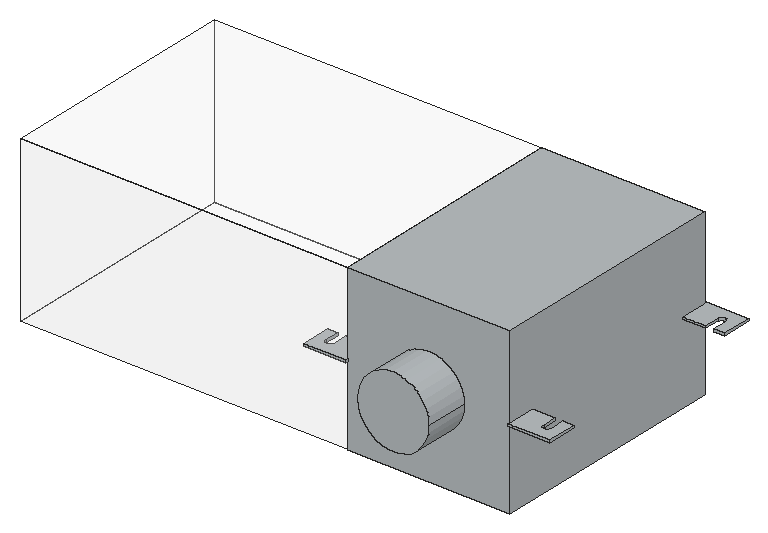
Revit family "1_天吊埋込タイプ 標準 単相100V_3相200V-60", category 機械設備, Revit 2019
Family settings
  丸型コネクタ寸法 = 直径を使用
  パーツ タイプ = 割り込み
  OmniClass 番号 = 23.75.35.17.27
  OmniClass タイトル = Centrifugal Fans
  作業面ベース = いいえ
  常に垂直 = はい
  ロード時にボイドで切り取り = いいえ
  共有 = いいえ
  部屋計算ポイント = はい
Parameters (values of type "BFS-15SG")
  騒音レベル(dB(A))_吸込 = 30
  騒音レベル(dB(A))_吐出 = 34
  騒音レベル(dB(A))_側面 = 20
  騒音レベル(dB(A)) = 34
  風量 [instance] = 設計風量  # 0.0 m³/h
  電源種別 [instance] = "一般"
  電圧 = 100 V
  電動機出力 = 8 W
  電動機_種別 [instance] = ""
  運転質量 = 0.00 kg
  連動 [instance] = ""
  質量 = if(製品質量 > 運転質量, 製品質量, 運転質量) * 1.2  # 7.20 kg
  負荷分類 = 3_ファン類
  説明 = "ストレートシロッコファン天吊埋込タイプ（標準形）"
  設計風量 [instance] = 0.0 m³/h
  設置方法 = "天吊"
  記号 [instance] = ""
  製造元 = "三菱電機株式会社"
  製品質量 = 6.00 kg
  製品出荷対象 = "国内"
  製品リリース年月 = "2018年4月23日"
  製品グループ = ""
  系統 [instance] = ""
  符号 [instance] = if(☑給気／□排気, "FS", "FE")  # "FE"
  積算_科目 = "2 換気設備"
  積算_拾い区分 [instance] = ""
  相 = 1
  盤記号 [instance] = ""
  盤工事区分 = "電気工事"
  発停方法 [instance] = "別売スイッチ"
  番手 = "#1"
  特殊仕様 [instance] = ""
  火災停止 = ""
  消費電力 = 23.5 W
  法定耐用年数 = "15"
  機外静圧 [instance] = 0.0 Pa
  極数 = 2
  極 = 4
  材質 [instance] = ""
  本体マテリアル = 溶融亜鉛めっき鋼板
  操作・制御方式 = ""
  操作・制御スイッチ = ""
  排気量 [instance] = if(☑給気／□排気, 0.0 m³/h, 設計風量)  # 0.0 m³/h
  形式 = ""
  形名 = BFS-SG : BFS-15SG
  幹線記号 [instance] = ""
  対象室 [instance] = ""
  実風量 = 0.0 m³/h
  始動方式 [instance] = "直入"
  外気量 [instance] = if(☑給気／□排気, 設計風量, 0.0 m³/h)  # 0.0 m³/h
  呼称 = "消音ボックス付送風機"
  周波数 = 60 Hz
  天吊金具ピッチ幅 = 299 mm
  天吊金具ピッチ奥行 = 300 mm
  参照している仕様書等のバージョン = ""
  分類コード = "50052502100020"
  分類グループ = ""
  価格 = 30900
  企業コード = "108420"
  付属品_防振装置 = ""
  付属品 [instance] = ""
  仕様書バージョン = "Version1.0"
  モデル = "BFS-15SG"
  ファンの種類 = "多翼形"
  ダクト径 = 100 mm
  サービススペース = yes
  コメント [instance] = ""
  Keynote = ""
  ☑給気／□排気 [instance] = no
  Width = 223 mm
  Version = ""
  Uniclass2015Version = "Systems v1.9"
  Uniclass2015Title = "Centrifugal fans"
  Uniclass2015Code = "Pr_65_67_29_12"
  URL = "https://www.mitsubishielectric.co.jp/ldg/wink/ssl/displayProduct.do?pid=292977"
  SpecificationReference = ""
  SpecificationDescription = ""
  Revision = ""
  ProductInformation = ""
  OmniClassCode = "23-33 31 19 13 15"
  MIN風量 = 96.0 m³/h
  MIN静圧 = 26.0 Pa
  MID風量 = 0.0 m³/h
  MID静圧 = 0.0 Pa
  MAX風量 = 150.0 m³/h
  MAX静圧 = 39.0 Pa
  M = 100 mm
  IfcTypeProduct = ""
  IfcProduct = ""
  IfcExportType = "CENTRIFUGALFORWARDCURVED"
  IfcExportAs = "IfcFanType"
  Height = 225 mm
  Depth = 335 mm
  Clearance Top = 0 mm  # constant formula
  Clearance Right = 0 mm  # constant formula
  Clearance Left = 450 mm  # constant formula
  Clearance Front = 0 mm  # constant formula
  Clearance Bottom = 0 mm  # constant formula
  Clearance Back = 0 mm  # constant formula
  Author = "三菱電機株式会社"
Types (18, lengths in mm): name | 騒音レベル(dB(A))_吸込 | 騒音レベル(dB(A))_吐出 | 騒音レベル(dB(A))_側面 | 騒音レベル(dB(A)) | 電圧 | 電動機出力 | 質量 | 製品質量 | 製品リリース年月 | 相 | 番手 | 消費電力 | 極数 | 形名 | 天吊金具ピッチ幅 | 天吊金具ピッチ奥行 | 参照している仕様書等のバージョン | 価格 | モデル | ダクト径 | Width | URL | MIN風量 | MIN静圧 | MAX風量 | MAX静圧 | M | Height | Depth
  BFS-15SG | 30 | 34 | 20 | 34 | 100 V | 8 W | 7.20 kg | 6.00 kg | "2018年4月23日" | 1 | "#1" | 23.5 W | 2 | BFS-SG : BFS-15SG | 299 | 300 | "" | 30900 | "BFS-15SG" | 100 | 223 | "https://www.mitsubishielectric.co.jp/ldg/wink/ssl/displayProduct.do?pid=292977" | 96.0 m³/h | 26.0 Pa | 150.0 m³/h | 39.0 Pa | 100 | 225 | 335
  BFS-30SG | 36 | 40 | 23.5 | 40 | 100 V | 16 W | 7.20 kg | 6.00 kg | "2018年4月23日" | 1 | "#1" | 43.5 W | 2 | BFS-SG : BFS-30SG | 299 | 300 | "" | 44700 | "BFS-30SG" | 150 | 223 | "https://www.mitsubishielectric.co.jp/ldg/wink/ssl/displayProduct.do?pid=292983" | 182.0 m³/h | 15.0 Pa | 300.0 m³/h | 39.0 Pa | 100 | 225 | 335
  BFS-40SG | 38 | 44 | 27 | 44 | 100 V | 25 W | 9.60 kg | 8.00 kg | "2018年4月23日" | 1 | "#1 1/4" | 66 W | 2 | BFS-SG : BFS-40SG | 331 | 353 | "" | 52800 | "BFS-40SG" | 150 | 255 | "https://www.mitsubishielectric.co.jp/ldg/wink/ssl/displayProduct.do?pid=292985" | 273.0 m³/h | 30.0 Pa | 400.0 m³/h | 59.0 Pa | 100 | 255 | 388
  BFS-50SG | 37.5 | 49 | 25.5 | 49 | 100 V | 45 W | 12.60 kg | 10.50 kg | "2018年4月23日" | 1 | "#1 1/4" | 87.5 W | 2 | BFS-SG : BFS-50SG | 401 | 388 | "公共建築工事標準仕様書（機械設備工事編）平成31年度版" | 74800 | "BFS-50SG" | 200 | 325 | "https://www.mitsubishielectric.co.jp/ldg/wink/ssl/displayProduct.do?pid=292987" | 380.0 m³/h | 100.0 Pa | 500.0 m³/h | 130.0 Pa | 100 | 255 | 423
  BFS-65SG | 38 | 51 | 29 | 51 | 100 V | 65 W | 15.60 kg | 13.00 kg | "2018年4月23日" | 1 | "#1 1/4" | 126 W | 2 | BFS-SG : BFS-65SG | 449 | 453 | "公共建築工事標準仕様書（機械設備工事編）平成31年度版" | 79400 | "BFS-65SG" | 200 | 373 | "https://www.mitsubishielectric.co.jp/ldg/wink/ssl/displayProduct.do?pid=292989" | 498.0 m³/h | 91.0 Pa | 650.0 m³/h | 118.0 Pa | 100 | 305 | 488
  BFS-80SG | 39.5 | 53 | 30.5 | 53 | 100 V | 80 W | 16.20 kg | 13.50 kg | "2018年4月23日" | 1 | "#1 1/4" | 155 W | 2 | BFS-SG : BFS-80SG | 449 | 453 | "公共建築工事標準仕様書（機械設備工事編）平成31年度版" | 83900 | "BFS-80SG" | 200 | 373 | "https://www.mitsubishielectric.co.jp/ldg/wink/ssl/displayProduct.do?pid=292991" | 600.0 m³/h | 88.0 Pa | 800.0 m³/h | 98.0 Pa | 100 | 305 | 488
  BFS-90SG | 41 | 55 | 32 | 55 | 100 V | 110 W | 18.60 kg | 15.50 kg | "2018年4月23日" | 1 | "#1 1/2" | 205 W | 2 | BFS-SG : BFS-90SG | 469 | 453 | "公共建築工事標準仕様書（機械設備工事編）平成31年度版" | 88500 | "BFS-90SG" | 200 | 393 | "https://www.mitsubishielectric.co.jp/ldg/wink/ssl/displayProduct.do?pid=292995" | 684.0 m³/h | 110.0 Pa | 900.0 m³/h | 128.0 Pa | 100 | 305 | 488
  BFS-100SG | 43 | 58 | 34.5 | 58 | 100 V | 160 W | 19.20 kg | 16.00 kg | "2018年4月23日" | 1 | "#1 1/2" | 247 W | 2 | BFS-SG : BFS-100SG | 469 | 453 | "公共建築工事標準仕様書（機械設備工事編）平成31年度版" | 93600 | "BFS-100SG" | 200 | 393 | "https://www.mitsubishielectric.co.jp/ldg/wink/ssl/displayProduct.do?pid=292965" | 865.0 m³/h | 187.0 Pa | 1000.0 m³/h | 145.0 Pa | 100 | 305 | 488
  BFS-120SG | 46.5 | 59 | 34.5 | 59 | 100 V | 200 W | 23.40 kg | 19.50 kg | "2018年4月23日" | 1 | "#1 1/2" | 352 W | 2 | BFS-SG : BFS-120SG | 467 | 555 | "公共建築工事標準仕様書（機械設備工事編）平成31年度版" | 102100 | "BFS-120SG" | 250 | 391 | "https://www.mitsubishielectric.co.jp/ldg/wink/ssl/displayProduct.do?pid=292969" | 1030.0 m³/h | 195.0 Pa | 1200.0 m³/h | 220.0 Pa | 100 | 350 | 590
  BFS-150SG | 50 | 63 | 37.5 | 63 | 100 V | 340 W | 23.40 kg | 19.50 kg | "2018年4月23日" | 1 | "#1 1/2" | 498 W | 2 | BFS-SG : BFS-150SG | 467 | 555 | "公共建築工事標準仕様書（機械設備工事編）平成31年度版" | 108200 | "BFS-150SG" | 250 | 391 | "https://www.mitsubishielectric.co.jp/ldg/wink/ssl/displayProduct.do?pid=292973" | 1243.0 m³/h | 184.0 Pa | 1500.0 m³/h | 180.0 Pa | 100 | 350 | 590
  BFS-180TG | 50 | 64 | 38.5 | 64 | 200 V | 360 W | 27.00 kg | 22.50 kg | "2018年4月23日" | 3 | "#1 1/2" | 573 W | 3 | BFS-TG : BFS-180TG | 552 | 610 | "公共建築工事標準仕様書（機械設備工事編）平成31年度版" | 123900 | "BFS-180TG" | 250 | 476 | "https://www.mitsubishielectric.co.jp/ldg/wink/ssl/displayProduct.do?pid=292979" | 0.0 m³/h | 0.0 Pa | 1800.0 m³/h | 167.0 Pa | 85 | 350 | 645
  BFS-210TG | 52.5 | 67 | 40 | 67 | 200 V | 490 W | 27.00 kg | 22.50 kg | "2018年4月23日" | 3 | "#1 1/2" | 665 W | 3 | BFS-TG : BFS-210TG | 552 | 610 | "公共建築工事標準仕様書（機械設備工事編）平成31年度版" | 176400 | "BFS-210TG" | 300 | 476 | "https://www.mitsubishielectric.co.jp/ldg/wink/ssl/displayProduct.do?pid=292981" | 0.0 m³/h | 0.0 Pa | 2100.0 m³/h | 191.0 Pa | 100 | 350 | 645
  BFS-240TA | 51.5 | 69 | 42.5 | 69 | 200 V | 1100 W | 39.60 kg | 33.00 kg | "2003年4月" | 3 | "#1 1/2" | 810 W | 3 | BFS-TG : BFS-240TA | 602 | 664 | "公共建築工事標準仕様書（機械設備工事編）平成31年度版" | 182000 | "BFS-240TA" | 300 | 493 | "https://www.mitsubishielectric.co.jp/ldg/wink/ssl/displayProduct.do?pid=41986" | 0.0 m³/h | 0.0 Pa | 2400.0 m³/h | 220.0 Pa | 100 | 373 | 717
  BFS-80TG | 40 | 53 | 31.5 | 53 | 200 V | 80 W | 18.00 kg | 15.00 kg | "2018年4月23日" | 3 | "#1 1/4" | 148 W | 3 | BFS-TG : BFS-80TG | 449 | 453 | "公共建築工事標準仕様書（機械設備工事編）平成31年度版" | 83900 | "BFS-80TG" | 200 | 373 | "https://www.mitsubishielectric.co.jp/ldg/wink/ssl/displayProduct.do?pid=292993" | 550.0 m³/h | 73.0 Pa | 800.0 m³/h | 98.0 Pa | 85 | 305 | 488
  BFS-90TG | 41 | 55 | 34 | 55 | 200 V | 100 W | 18.60 kg | 15.50 kg | "2018年4月23日" | 3 | "#1 1/2" | 194 W | 3 | BFS-TG : BFS-90TG | 469 | 453 | "公共建築工事標準仕様書（機械設備工事編）平成31年度版" | 88500 | "BFS-90TG" | 200 | 393 | "https://www.mitsubishielectric.co.jp/ldg/wink/ssl/displayProduct.do?pid=292964" | 640.0 m³/h | 96.0 Pa | 900.0 m³/h | 128.0 Pa | 85 | 305 | 488
  BFS-100TG | 43 | 58 | 34 | 58 | 200 V | 150 W | 18.60 kg | 15.50 kg | "2018年4月23日" | 3 | "#1 1/2" | 237 W | 3 | BFS-TG : BFS-100TG | 469 | 453 | "公共建築工事標準仕様書（機械設備工事編）平成31年度版" | 93600 | "BFS-100TG" | 200 | 393 | "https://www.mitsubishielectric.co.jp/ldg/wink/ssl/displayProduct.do?pid=292967" | 678.0 m³/h | 115.0 Pa | 1000.0 m³/h | 145.0 Pa | 85 | 305 | 488
  BFS-120TG | 46.5 | 58 | 35.5 | 58 | 200 V | 180 W | 23.40 kg | 19.50 kg | "2018年4月23日" | 3 | "#1 1/2" | 342 W | 3 | BFS-TG : BFS-120TG | 467 | 555 | "公共建築工事標準仕様書（機械設備工事編）平成31年度版" | 102100 | "BFS-120TG" | 250 | 391 | "https://www.mitsubishielectric.co.jp/ldg/wink/ssl/displayProduct.do?pid=292971" | 821.0 m³/h | 121.0 Pa | 1200.0 m³/h | 220.0 Pa | 85 | 350 | 590
  BFS-150TG | 50 | 63 | 37.5 | 63 | 200 V | 280 W | 24.00 kg | 20.00 kg | "2018年4月23日" | 3 | "#1 1/2" | 440 W | 3 | BFS-TG : BFS-150TG | 467 | 555 | "公共建築工事標準仕様書（機械設備工事編）平成31年度版" | 108200 | "BFS-150TG" | 250 | 391 | "https://www.mitsubishielectric.co.jp/ldg/wink/ssl/displayProduct.do?pid=292975" | 1057.0 m³/h | 132.0 Pa | 1500.0 m³/h | 180.0 Pa | 85 | 350 | 590
Reference planes
  plane 1 "中心(正面/背面)": y = 0
  plane 2: z = 0
  plane 3 "中心(左/右)": x = -50
  plane 4 "左": x = -161.5
  plane 5 "右": x = 61.5
  plane 6 "背面": y = 167.5
  plane 7 "正面": y = -167.5
  plane 8: z = 112.5
  plane 9: y = 150
  plane 10: y = -150
  plane 11: x = 99.5
  plane 12: x = -199.5
  plane 13: z = -112.5
  plane 14: y = 167.5
  plane 15: y = -167.5
  plane 16: x = 61.5
  plane 17: x = -611.5
  plane 18: z = 112.5
  plane 19: z = -112.5
Dimensions and locks
  "Width": plane 4 "左" to plane 5 "右"
  equal spacing: plane 7 "正面", plane 1 "中心(正面/背面)", plane 6 "背面"
  "Depth": plane 7 "正面" to plane 6 "背面"
  equal spacing: plane 8, level, plane 13
  "Height": plane 8 to plane 13
  "Clearance Top": plane 18 to plane 8
  "Clearance Bottom": plane 13 to plane 19
  "Clearance Back": plane 6 "背面" to plane 14
  "Clearance Front": plane 15 to plane 7 "正面"
  "Clearance Left": plane 17 to plane 4 "左"
  "Clearance Right": plane 5 "右" to plane 16
  "天吊金具ピッチ幅": plane 12 to plane 11
  equal spacing: plane 10, plane 1 "中心(正面/背面)", plane 9
  "天吊金具ピッチ奥行": plane 10 to plane 9
  equal spacing: plane 12, plane 3 "中心(左/右)", plane 11
  equal spacing: plane 4 "左", plane 3 "中心(左/右)", plane 5 "右"
  aligned and locked: level to plane 2
  aligned and locked: nested 2 to plane 9
  aligned and locked: plane 10 to nested 2
  aligned and locked: plane 12 to nested 2
  aligned and locked: plane 11 to nested 2
  aligned and locked: plane 8 to nested 1
  aligned and locked: nested 1 to plane 13
  aligned and locked: plane 17 to nested 3
  aligned and locked: plane 18 to nested 3
  aligned and locked: plane 19 to nested 3
  aligned and locked: plane 1 "中心(正面/背面)" to nested 1
  aligned and locked: plane 14 to nested 3
  aligned and locked: plane 15 to nested 3
  aligned and locked: plane 4 "左" to nested 3
  aligned and locked: nested 1 to plane 3 "中心(左/右)"
Nested families
  nested 1: "BFS-SG" at (-50, 0, -112.5) x (0, -1, 0) z (0, 0, 1), type <- "形名", type "BFS-15SG"
  nested 2: "固定点" at (-199.5, -150, 0), type "固定点"
    with W 299 mm, D 300 mm
  nested 3: "サービススペース" at (-386.5, 0, 0), visible <- "サービススペース", type "サービススペース"
    with Width 450 mm, Height 225 mm, Depth 335 mm
Connectors
  hvac at (-50, -227.5, 0), driven by "ダクト径", driven by "機外静圧", driven by "風量"
    settings: on nested 1, index 2, duct flow 0.0 m³/h, flow factor 0, pres drop 0.0 Pa, loss coef 0, conn angle 0.00°, conn width 304.8 mm, conn height 304.8 mm, conn diameter 100 mm, duct sys type 29, conn prof type 0, flow config 0, flow direction 2, loss method 4, conn ref index -1, conn util no, is conn primary yes, conn desc "Out"
  hvac at (-50, 227.5, 0), driven by "ダクト径", driven by "機外静圧", driven by "風量"
    settings: on nested 1, index 3, duct flow 0.0 m³/h, flow factor 0, pres drop 0.0 Pa, loss coef 0, conn angle 0.00°, conn width 304.8 mm, conn height 304.8 mm, conn diameter 100 mm, duct sys type 29, conn prof type 0, flow config 0, flow direction 1, loss method 4, conn ref index -1, conn util no, is conn primary no, conn desc "In"
  electrical at (-182.1, -48.05, -20.1), driven by "極数", driven by "負荷分類", driven by "電圧", driven by "消費電力"
    settings: on nested 1, index 4, voltage 100 V, apparent load 23.5 VA, apparent load phase1 0 VA, apparent load phase2 0 VA, apparent load phase3 0 VA, power factor 1, load classification "3_ファン類", number of poles 2, system type 30, power factor state 1, is connector primary yes, connector utility no, sub classification motor no, connector description ""
Definition of nested family "BFS-SG"
  Parameters (values of type "BFS-15SG")
    端子カバー高 = 99 mm  # constant formula
    端子カバー手前位置 = 53.7 mm
    端子カバー幅 = 20.6 mm  # constant formula
    端子カバー奥行 = 131.5 mm  # constant formula
    端子カバー上位置 = 83.1 mm
    マテリアル = none
    φ = 98 mm
    Φ = 110 mm
    b = 234 mm
    a = 60 mm
    W = 335 mm
    H = 225 mm
    c = 42 mm
    D = 223 mm
  Types (10, lengths in mm): name | 端子カバー手前位置 | 端子カバー上位置 | φ | Φ | b | a | W | H | c | D
    BFS-15SG | 53.7 | 83.1 | 98 | 110 | 234 | 60 | 335 | 225 | 42 | 223
    BFS-30SG | 53.7 | 83.1 | 142 | 160 | 234 | 70 | 335 | 225 | 42 | 223
    BFS-40SG | 62.3 | 106.7 | 142 | 160 | 291 | 70 | 388 | 255 | 51 | 255
    BFS-50SG | 62.3 | 106.7 | 192 | 208 | 264 | 85 | 423 | 255 | 51 | 325
    BFS-65SG | 63.9 | 139.9 | 192 | 208 | 391 | 85 | 488 | 305 | 52 | 373
    BFS-80SG | 63.9 | 139.9 | 192 | 208 | 391 | 85 | 488 | 305 | 52 | 373
    BFS-90SG | 63.9 | 139 | 192 | 208 | 391 | 85 | 488 | 305 | 52 | 393
    BFS-100SG | 63.9 | 139 | 192 | 208 | 391 | 85 | 488 | 305 | 52 | 393
    BFS-120SG | 81.3 | 54.9 | 242 | 258 | 391 | 85 | 590 | 350 | 70 | 391
    BFS-150SG | 81.3 | 54.9 | 242 | 258 | 391 | 85 | 590 | 350 | 70 | 391
  Reference planes
    plane 1 "中心(正面/背面)": y = 0
    plane 2: z = 0
    plane 3 "中心(左/右)": x = 0
    plane 4: y = 111.5
    plane 5: y = 149.5
    plane 6: y = 169.5
    plane 7: y = -111.5
    plane 8: y = -149.5
    plane 9: y = -169.5
    plane 10: x = -167.5
    plane 11: x = -150
    plane 12: x = -170.5
    plane 13: x = 167.5
    plane 14: x = 150
    plane 15: x = 170.5
    plane 16: z = 225
    plane 17: z = 600
    plane 18: z = 900
    plane 19: z = 1200
    plane 20: x = -120.2
    plane 21: x = 113.8
    plane 22: x = 227.5
    plane 23: x = -227.5
    plane 24: z = 112.5
    plane 25: z = 109.5
    plane 26: z = 71.5
    plane 27: x = -129.5
    plane 28: y = -114.5
    plane 29: z = 94.5
    plane 30: x = 129.5
    plane 31: y = 114.5
    plane 32: x = -17.7
    plane 33: z = 141.9
    plane 34: z = 42.9
    plane 35: y = -132.1
    plane 36: z = 131.9
    plane 37: z = 52.9
    plane 38: x = 93.8
    plane 39: x = 2.3
  Forms (mm)
    Extrusion 1, solid, material <- "マテリアル", detail levels fine
      sketch origin (0, 0, 0) x (1, 0, 0) y (0, 1, 0)
        loop
          line (-167.5, 111.5) -> (-167.5, -111.5) -> (167.5, -111.5) -> (167.5, 111.5) -> (-167.5, 111.5)
      from 0 to 225
    Extrusion 2, solid, material <- "マテリアル", detail levels fine
      sketch origin (0, 0, 0) x (1, 0, 0) y (0, 1, 0)
        loop
          line (-170.5, -111.5) -> (-170.5, -169.5) -> (-129.5, -169.5) -> (-129.5, -155) -> (-150, -155)
          arc (-150, -155) -> (-155.5, -149.5) -> (-150, -144) r 5.5
          line (-150, -144) -> (-129.5, -144) -> (-129.5, -111.5) -> (-170.5, -111.5)
      from 109.5 to 112.5
    Extrusion 3, solid, material <- "マテリアル", detail levels fine
      sketch origin (0, 0, 0) x (1, 0, 0) y (0, 1, 0)
        loop
          line (-170.5, 111.5) -> (-129.5, 111.5) -> (-129.5, 144) -> (-150, 144)
          arc (-150, 144) -> (-155.5, 149.5) -> (-150, 155) r 5.5
          line (-150, 155) -> (-129.5, 155) -> (-129.5, 169.5) -> (-170.5, 169.5) -> (-170.5, 111.5)
      from 109.5 to 112.5
    Extrusion 4, solid, material <- "マテリアル", detail levels fine
      sketch origin (0, 0, 0) x (-1, 0, 0) y (0, -1, 0)
        loop
          line (-170.5, -111.5) -> (-170.5, -169.5) -> (-129.5, -169.5) -> (-129.5, -155) -> (-150, -155)
          arc (-150, -155) -> (-155.5, -149.5) -> (-150, -144) r 5.5
          line (-150, -144) -> (-129.5, -144) -> (-129.5, -111.5) -> (-170.5, -111.5)
      from 109.5 to 112.5
    Extrusion 5, solid, material <- "マテリアル", detail levels fine
      sketch origin (0, 0, 0) x (-1, 0, 0) y (0, -1, 0)
        loop
          line (-170.5, 111.5) -> (-129.5, 111.5) -> (-129.5, 144) -> (-150, 144)
          arc (-150, 144) -> (-155.5, 149.5) -> (-150, 155) r 5.5
          line (-150, 155) -> (-129.5, 155) -> (-129.5, 169.5) -> (-170.5, 169.5) -> (-170.5, 111.5)
      from 109.5 to 112.5
    Extrusion 6, solid, material <- "マテリアル", detail levels fine
      sketch origin (0, 0, 0) x (0, 1, 0) y (0, 0, 1)
        loop
          circle (0, 112.5) r 49
      from -167.5 to -227.5
    Extrusion 7, solid, material <- "マテリアル", detail levels fine
      sketch origin (0, 0, 0) x (0, 1, 0) y (0, 0, -1)
        loop
          circle (0, -112.5) r 49
      from -167.5 to -227.5
    Extrusion 8, solid, material <- "マテリアル", detail levels fine
      sketch origin (0, 0, 0) x (1, 0, 0) y (0, 0, 1)
        loop
          line (113.8, 141.9) -> (-17.7, 141.9) -> (-17.7, 42.9) -> (113.8, 42.9) -> (113.8, 141.9)
      from 111.5 to 132.1
  Dimensions and locks
    plane 12 to plane 15 = 341 mm
    plane 11 to plane 14 = 300 mm
    "W": plane 10 to plane 13
    plane 9 to plane 6 = 339 mm
    plane 8 to plane 5 = 299 mm
    "D": plane 7 to plane 4
    equal spacing: plane 7, plane 1 "中心(正面/背面)", plane 4
    equal spacing: plane 10, plane 3 "中心(左/右)", plane 13
    "H": plane 16 to level
    locked: plane 4 to plane 5 at 38
    locked: plane 5 to plane 6 at 20
    locked: plane 8 to plane 7 at 38
    locked: plane 9 to plane 8 at 20
    locked: plane 10 to plane 11 at 17.5
    locked: plane 14 to plane 13 at 17.5
    locked: plane 13 to plane 15 at 3
    locked: plane 12 to plane 10 at 3
    equal spacing: plane 16, plane 24, level
    locked: plane 24 to plane 25 at 3
    locked: plane 24 to plane 26 at 41
    locked: plane 12 to plane 27 at 41
    locked: plane 28 to plane 7 at 3
    locked: plane 25 to plane 29 at 15
    locked: plane 30 to plane 15 at 41
    locked: plane 31 to plane 4 at 3
    "a": plane 23 to plane 10
    "a": plane 13 to plane 22
    "端子カバー手前位置": plane 13 to plane 21
    "b": plane 21 to plane 20
    "端子カバー奥行": plane 21 to plane 32
    "端子カバー高": plane 33 to plane 34
    "端子カバー幅": plane 35 to plane 7
    locked: plane 33 to plane 36 at 10
    locked: plane 37 to plane 34 at 10
    locked: plane 39 to plane 32 at 20
    locked: plane 21 to plane 38 at 20
    "端子カバー上位置": plane 16 to plane 33
    "φ": diameter of Extrusion 6 sketch curve
    "φ": diameter of Extrusion 7 sketch curve
    aligned and locked: level to plane 2
    aligned and locked: plane 4 to Extrusion 1 sketch curve
    aligned and locked: plane 10 to Extrusion 1 sketch curve
    aligned and locked: Extrusion 1 sketch curve to plane 7
    aligned and locked: Extrusion 1 sketch curve to plane 13
    aligned and locked: plane 16 to Extrusion 1
    aligned and locked: plane 7 to Extrusion 2 sketch curve
    aligned and locked: plane 12 to Extrusion 2 sketch curve
    aligned and locked: Extrusion 2 sketch curve to plane 9
    aligned and locked: Extrusion 2 sketch curve to plane 27  (x2)
    aligned and locked: plane 11 to Extrusion 2 sketch curve
    aligned and locked: plane 8 to Extrusion 2 sketch curve
    aligned and locked: plane 24 to Extrusion 2
    aligned and locked: Extrusion 2 to plane 25
    aligned and locked: plane 27 to Extrusion 3 sketch curve  (x2)
    aligned and locked: plane 5 to Extrusion 3 sketch curve
    aligned and locked: plane 11 to Extrusion 3 sketch curve
    aligned and locked: Extrusion 3 sketch curve to plane 6
    aligned and locked: Extrusion 3 sketch curve to plane 12
    aligned and locked: plane 4 to Extrusion 3 sketch curve
    aligned and locked: plane 24 to Extrusion 3
    aligned and locked: Extrusion 3 to plane 25
    aligned and locked: Extrusion 4 to plane 6
    aligned and locked: plane 15 to Extrusion 4
    aligned and locked: Extrusion 4 to plane 30
    aligned and locked: plane 30 to Extrusion 4 sketch curve  (x2)
    aligned and locked: plane 6 to Extrusion 4 sketch curve
    aligned and locked: Extrusion 4 sketch curve to plane 15
    aligned and locked: plane 5 to Extrusion 4 sketch curve
    aligned and locked: plane 14 to Extrusion 4 sketch curve
    aligned and locked: Extrusion 4 sketch curve to plane 4
    aligned and locked: Extrusion 4 to plane 25
    aligned and locked: plane 24 to Extrusion 4
    aligned and locked: plane 9 to Extrusion 5 sketch curve
    aligned and locked: plane 15 to Extrusion 5 sketch curve
    aligned and locked: Extrusion 5 sketch curve to plane 7
    aligned and locked: Extrusion 5 sketch curve to plane 30  (x2)
    aligned and locked: plane 14 to Extrusion 5 sketch curve
    aligned and locked: plane 8 to Extrusion 5 sketch curve
    aligned and locked: Extrusion 5 to plane 25
    aligned and locked: plane 24 to Extrusion 5
    aligned and locked: plane 1 "中心(正面/背面)" to Extrusion 6 sketch curve
    aligned and locked: plane 24 to Extrusion 6 sketch curve
    aligned and locked: Extrusion 6 to plane 23
    aligned and locked: plane 24 to Extrusion 7 sketch curve
    aligned and locked: plane 1 "中心(正面/背面)" to Extrusion 7 sketch curve
    aligned and locked: plane 22 to Extrusion 7
    aligned and locked: plane 33 to Extrusion 8 sketch curve
    aligned and locked: plane 21 to Extrusion 8 sketch curve
    aligned and locked: Extrusion 8 sketch curve to plane 34
    aligned and locked: Extrusion 8 sketch curve to plane 32
    aligned and locked: Extrusion 8 to plane 7
    aligned and locked: plane 35 to Extrusion 8
    aligned and locked: Extrusion 7 to plane 13
    aligned and locked: plane 10 to Extrusion 6
  Automatic sketch dimensions
    Extrusion 2 sketch curve to plane 11 = 0 mm
    plane 8 to Extrusion 2 sketch curve = 5.5 mm
    Extrusion 3 sketch curve to plane 11 = 0 mm
    plane 5 to Extrusion 3 sketch curve = 5.5 mm
    Extrusion 4 sketch curve to plane 14 = 0 mm
    Extrusion 4 sketch curve to plane 5 = 5.5 mm
    Extrusion 5 sketch curve to plane 14 = 0 mm
    Extrusion 5 sketch curve to plane 8 = 5.5 mm
Definition of nested family "サービススペース"
  Parameters (values of type "サービススペース")
    Width [instance] = 500 mm
    Height [instance] = 500 mm
    Depth [instance] = 500 mm
  Reference planes
    plane 1 "中心(正面/背面)": y = 0
    plane 2: z = 0
    plane 3 "中心(左/右)": x = 0
    plane 4: y = -250
    plane 5: x = 250
    plane 6: y = 250
    plane 7: x = -250
    plane 8: z = 250
    plane 9: z = -250
  Forms (mm)
    Extrusion 1, solid
      sketch origin (-638.939, 0, 72.39) x (1, 0, 0) y (0, 1, 0)
        loop
          line (388.939, 250) -> (388.939, -250) -> (888.939, -250) -> (888.939, 250) -> (388.939, 250)
      from -322.39 to 177.61
  Lines and regions (mm)
    symbolic lines
      curve 1: line (-250, 0, 250) -> (250, 0, 250)
      curve 2: line (-250, 0, -250) -> (-250, 0, 250)
      curve 3: line (250, 0, -250) -> (-250, 0, -250)
      curve 4: line (250, 0, 250) -> (250, 0, -250)
      curve 5: line (0, -250, 250) -> (0, 250, 250)
      curve 6: line (0, -250, -250) -> (0, -250, 250)
      curve 7: line (0, 250, -250) -> (0, -250, -250)
      curve 8: line (0, 250, 250) -> (0, 250, -250)
      curve 9: line (-250, 250, 0) -> (250, 250, 0)
      curve 10: line (-250, -250, 0) -> (-250, 250, 0)
      curve 11: line (250, -250, 0) -> (-250, -250, 0)
      curve 12: line (250, 250, 0) -> (250, -250, 0)
  Dimensions and locks
    equal spacing: plane 7, plane 3 "中心(左/右)", plane 5
    equal spacing: plane 4, plane 1 "中心(正面/背面)", plane 6
    "Depth": plane 4 to plane 6
    "Width": plane 7 to plane 5
    equal spacing: plane 8, plane 2, plane 9
    "Height": plane 8 to plane 9
    aligned and locked: plane 9 to curve 3
    aligned and locked: plane 7 to curve 2
    aligned and locked: curve 4 to plane 5
    aligned and locked: plane 5 to Extrusion 1
    aligned and locked: Extrusion 1 to plane 7
    aligned and locked: Extrusion 1 to plane 9
    aligned and locked: plane 8 to Extrusion 1
    aligned and locked: plane 9 to curve 7
  Automatic sketch dimensions
    plane 4 to Extrusion 1 sketch curve = 0 mm
    Extrusion 1 sketch curve to plane 7 = 0 mm
    Extrusion 1 sketch curve to plane 5 = 0 mm
    plane 6 to Extrusion 1 sketch curve = 0 mm
    curve 2 to plane 8 = 0 mm
    plane 4 to curve 11 = 0 mm
    curve 11 to plane 7 = 0 mm
    curve 11 to plane 5 = 0 mm
    plane 6 to curve 10 = 0 mm
    curve 7 to plane 4 = 0 mm
    curve 7 to plane 6 = 0 mm
    curve 6 to plane 8 = 0 mm
Definition of nested family "固定点"
  Parameters (values of type "固定点")
    中心円 = 11 mm
    W [instance] = 1000 mm
    D [instance] = 1000 mm
  Reference planes
    plane 1 "中心(正面/背面)": y = 0
    plane 2: z = 0
    plane 3 "中心(左/右)": x = 0
    plane 4: x = 1000
    plane 5: y = 1000
  Lines and regions (mm)
    symbolic lines, detail levels fine
      curve 1: circle (0, 1000, 0) r 5.5 normal (0, 0, 1)
      curve 2: circle (0, 0, 0) r 5.5 normal (0, 0, 1)
      curve 3: circle (1000, 1000, 0) r 5.5 normal (0, 0, 1)
      curve 4: circle (1000, 0, 0) r 5.5 normal (0, 0, 1)
      curve 5: line (-200, 1000, 0) -> (1200, 1000, 0)
      curve 6: line (-200, 0, 0) -> (1200, 0, 0)
      curve 7: line (0, 1200, 0) -> (0, -200, 0)
      curve 8: line (1000, 1200, 0) -> (1000, -200, 0)
  Dimensions and locks
    "W": plane 3 "中心(左/右)" to plane 4
    "D": plane 1 "中心(正面/背面)" to plane 5
    "中心円": diameter of curve 1
    "中心円": diameter of curve 2
    "中心円": diameter of curve 3
    "中心円": diameter of curve 4
    aligned and locked: level to plane 2
    aligned and locked: plane 5 to curve 1
    aligned and locked: plane 3 "中心(左/右)" to curve 1
    aligned and locked: plane 3 "中心(左/右)" to curve 2
    aligned and locked: plane 1 "中心(正面/背面)" to curve 2
    aligned and locked: plane 4 to curve 3
    aligned and locked: plane 5 to curve 3
    aligned and locked: plane 1 "中心(正面/背面)" to curve 4
    aligned and locked: plane 4 to curve 4
    aligned and locked: plane 1 "中心(正面/背面)" to curve 6
    aligned and locked: curve 7 to plane 3 "中心(左/右)"
    aligned and locked: curve 8 to plane 4
  Automatic sketch dimensions
    curve 5 to plane 5 = 0 mm
    curve 6 to plane 3 "中心(左/右)" = 200 mm
    curve 5 to plane 3 "中心(左/右)" = 200 mm
    curve 4 to curve 6 = 200 mm
    curve 3 to curve 5 = 200 mm
    plane 1 "中心(正面/背面)" to curve 8 = 200 mm
    plane 1 "中心(正面/背面)" to curve 7 = 200 mm
    curve 3 to curve 8 = 200 mm
    curve 1 to curve 7 = 200 mm
